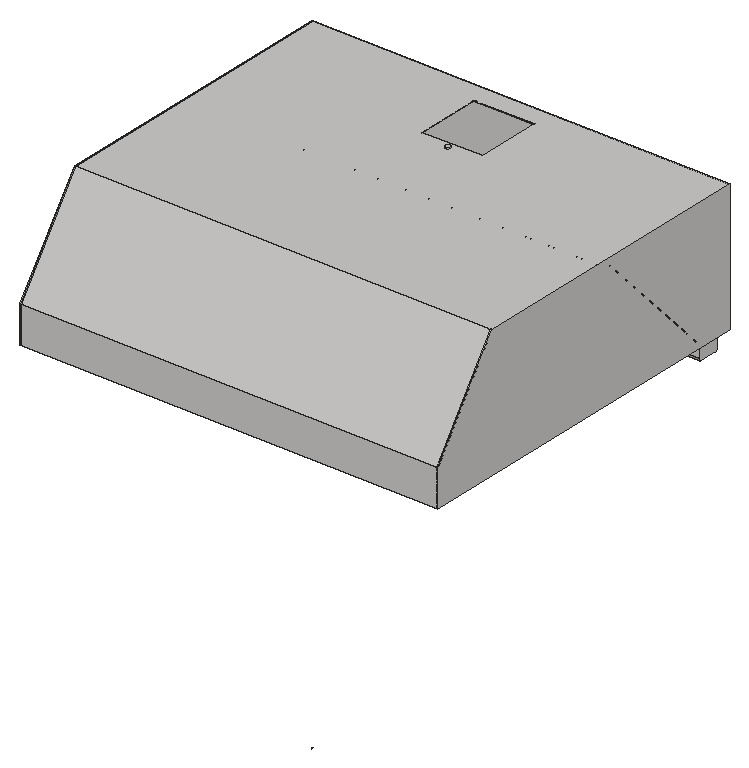
Revit family "QF_ELECTROLUXPROFESSIONAL_644229_ABPV1416BT", category Specialty Equipment, Revit 2014
Reference planes
  plane 1: z = 0
  plane 2 "Center (Left/Right)": x = 150
  plane 3 "LEFT": x = -650
  plane 4 "RIGHT": x = 950
  plane 5 "BACK": y = 550
  plane 6 "TOP": z = 2500
  plane 7 "Base": z = 2000
  plane 8: z = 1926
  plane 9 "DrainY": y = 485
  plane 10: x = -647
  plane 11: through (0, 414.509, 2000.8) normal (0, 0.7314, 0.682)
  plane 12: y = 470
  plane 13: y = 220
  plane 14 "DrainX": x = 830
  plane 15: x = 33.5
  plane 16: x = 266.5
  plane 17: x = 947
  plane 18: x = 740
  plane 19: x = 920
  plane 20: x = -450
  plane 21: x = 750
  plane 22: x = -47.5
  plane 23: x = 347.5
  plane 24: z = 2140
  plane 25: y = -290
  plane 26: y = 200
  plane 27 "Center (Front/Back)": y = -150
  plane 28 "Front": y = -850
Forms (mm)
  Extrusion 1, solid, material "QF_Finishes_Stainless Steel"
    sketch origin (-650, 0, 360) x (0, 1, 0) y (0, 0, 1)
      loop
        line (550, 1640) -> (550, 2140) -> (-590, 2140) -> (-850, 1780) -> (-850, 1640) -> (550, 1640)
    from 0 to 3
  Extrusion 2, solid, material "QF_Finishes_Stainless Steel"
    sketch origin (150, 0, 360) x (0, 1, 0) y (0, 0, 1)
      loop
        line (415.255, 1640) -> (550, 1640) -> (550, 2139.19) -> (549.2, 2139.19) -> (549.2, 1640.8) -> (415.876, 1640.8) -> (339.347, 1722.867) -> (349.609, 1732.436) -> (348.927, 1733.167) -> (337.934, 1722.917) -> (415.255, 1640)
      loop
        line (-82.203, 2139.19) -> (-82.203, 2118.6) -> (-31.047, 2118.6) -> (34.354, 2048.466) -> (46.028, 2059.352) -> (45.346, 2060.083) -> (34.403, 2049.879) -> (-30.612, 2119.6) -> (-81.203, 2119.6) -> (-81.203, 2139.19) -> (-82.203, 2139.19)
    from -797 to 797
  Extrusion 3, solid, material "QF_Finishes_Stainless Steel"
    sketch origin (950, 0, 360) x (0, 1, 0) y (0, 0, 1)
      loop
        line (550, 1640) -> (550, 2140) -> (-590, 2140) -> (-850, 1780) -> (-850, 1640) -> (550, 1640)
    from 0 to -3
  Extrusion 4, solid, material "QF_Finishes_Stainless Steel"
    sketch origin (150, 0, 360) x (0, 1, 0) y (0, 0, 1)
      loop
        line (-590, 2140) -> (-850, 1780) -> (-850, 1640) -> (-849.2, 1640) -> (-849.2, 1779.741) -> (-589.598, 2139.19) -> (550, 2139.19) -> (550, 2140) -> (-590, 2140)
    from -800 to 800
  Extrusion 5, solid, material "QF_Finishes_Stainless Steel"
    sketch origin (150, 0, 360) x (0, 1, 0) y (0, 0, 1)
      loop
        line (534, 1640) -> (436, 1640) -> (436, 1627) -> (443.5, 1627) -> (443.5, 1576)
        arc (443.5, 1576) -> (446.429, 1568.929) -> (453.5, 1566) r 10
        line (453.5, 1566) -> (516.5, 1566)
        arc (516.5, 1566) -> (523.571, 1568.929) -> (526.5, 1576) r 10
        line (526.5, 1576) -> (526.5, 1627) -> (534, 1627) -> (534, 1640)
    from 590 to 770
  Extrusion 6, solid, material "QF_Finishes_Stainless Steel"
    sketch origin (0, 0, 2000) x (0, 1, 0) y (-1, 0, 0)
      loop
        circle (485, -830) r 20
    from -76 to -74
  Extrusion 7, solid, material "QF_Finished_Chrome"
    sketch origin (150, 0, 360) x (0, 1, 0) y (0, 0, 1)
      loop
        line (337.934, 1722.917) -> (341.591, 1726.327) -> (38.011, 2051.876) -> (34.354, 2048.466) -> (337.934, 1722.917)
    from -197.5 to -600
  Extrusion 8, solid, material "QF_Finishes_Stainless Steel"
    sketch origin (150, 0, 360) x (0, 1, 0) y (0, 0, 1)
      loop
        line (337.934, 1722.917) -> (341.591, 1726.327) -> (38.011, 2051.876) -> (34.354, 2048.466) -> (337.934, 1722.917)
    from 797 to 600
  Extrusion 9, solid, material "QF_Finished_Chrome"
    sketch origin (150, 0, 360) x (0, 1, 0) y (0, 0, 1)
      loop
        line (341.588, 1726.324) -> (38.009, 2051.874) -> (34.354, 2048.466) -> (337.934, 1722.917) -> (341.588, 1726.324)
    from 197.5 to 600
  Extrusion 10, void
    sketch origin (0, 0, 2500) x (0, 1, 0) y (-1, 0, 0)
      loop
        line (470, -266.5) -> (470, -33.5) -> (220, -33.5) -> (220, -266.5) -> (470, -266.5)
    from 0 to -10
  Extrusion 11, solid, material "QF_Finishes_Stainless Steel"
    sketch origin (0, 0, 0) x (1, 0, 0) y (0, 1, 0)
      loop
        line (-650, 550) -> (-650, 549) -> (-649, 549) -> (-649, 550) -> (-650, 550)
    from 0 to 1
  Extrusion 12, solid, material "QF_Finishes_Stainless Steel"
    sketch origin (150, 0, 360) x (0, 1, 0) y (0, 0, 1)
      loop
        line (337.934, 1722.917) -> (341.591, 1726.327) -> (38.011, 2051.876) -> (34.354, 2048.466) -> (337.934, 1722.917)
    from -600 to -797
  Extrusion 13, solid, material "QF_Finishes_Stainless Steel"
    sketch origin (150, 0, 360) x (0, 1, 0) y (0, 0, 1)
      loop
        line (337.934, 1722.917) -> (341.591, 1726.327) -> (38.011, 2051.876) -> (34.354, 2048.466) -> (337.934, 1722.917)
    from 197.5 to -197.5
  Extrusion 14, solid, material "QF_Finishes_Stainless Steel"
    sketch origin (0, 0, 2500) x (0, 1, 0) y (-1, 0, 0)
      loop
        circle (200, -150) r 10
    from 0 to 1.6
Cuts and joins
  Extrusion 10 cuts Extrusion 4
  joined: Extrusion 2, Extrusion 4
Lines and regions (mm)
  reference lines
    curve 1: line (150, 34.354, 2408.466) -> (150, 34.354, 2248.466)
  symbolic lines, style "SpecialityEquipment", detail levels coarse
    curve 2: line (950, 550, 2500) -> (-650, 550, 2500)
    curve 3: line (-650, 550, 2500) -> (-650, -850, 2500)
    curve 4: line (950, -850, 2500) -> (950, 550, 2500)
    curve 5: line (-650, -850, 2500) -> (950, -850, 2500)
    curve 6: line (266.5, 220, 2500) -> (33.5, 220, 2500)
    curve 7: line (266.5, 470, 2500) -> (266.5, 220, 2500)
    curve 8: line (33.5, 470, 2500) -> (266.5, 470, 2500)
    curve 9: line (33.5, 220, 2500) -> (33.5, 470, 2500)
    curve 10: line (-647, -589.598, 0) -> (950, 550, 0)
    curve 11: line (-650, 550, 0) -> (950, -589.598, 0)
  symbolic lines, detail levels coarse
    curve 12: line (950, -589.598, 2500) -> (-650, -589.598, 2500)
Dimensions and locks
  plane 3 "LEFT" to plane 4 "RIGHT" = 1600 mm
  equal spacing: plane 3 "LEFT", plane 2 "Center (Left/Right)", plane 4 "RIGHT"
  locked: plane 6 "TOP" to plane 7 "Base" at 500
  plane 7 "Base" to plane 8 = 74 mm
  plane 5 "BACK" to plane 9 "DrainY" = 65 mm  (x2)
  plane 3 "LEFT" to plane 10 = 3 mm
  plane 5 "BACK" to plane 12 = 80 mm
  plane 12 to plane 13 = 250 mm  (x2)
  plane 14 "DrainX" to plane 4 "RIGHT" = 120 mm
  plane 17 to plane 4 "RIGHT" = 3 mm
  locked: plane 18 to plane 14 "DrainX" at 90
  locked: plane 14 "DrainX" to plane 19 at 90
  plane 12 to plane 5 "BACK" = 80 mm
  plane 3 "LEFT" to plane 20 = 200 mm
  plane 21 to plane 4 "RIGHT" = 200 mm
  locked: plane 22 to plane 23 at 395
  equal spacing: plane 22, plane 2 "Center (Left/Right)", plane 23
  locked: plane 15 to plane 16 at 233
  equal spacing: plane 15, plane 2 "Center (Left/Right)", plane 16
  locked: plane 7 "Base" to level at 2000
  plane 24 to plane 7 "Base" = 140 mm
  plane 13 to plane 26 = 20 mm
  locked: plane 5 "BACK" to plane 28 "Front" at 1400
  equal spacing: plane 5 "BACK", plane 27 "Center (Front/Back)", plane 28 "Front"
  plane 5 "BACK" to plane 28 "Front" = 1400 mm
  aligned and locked: level to plane 1
  aligned and locked: Extrusion 2 to Extrusion 1
  aligned and locked: Extrusion 2 to Extrusion 3
  aligned and locked: plane 4 "RIGHT" to Extrusion 4
  aligned and locked: Extrusion 4 to plane 3 "LEFT"
  aligned and locked: plane 17 to Extrusion 8
  aligned and locked: Extrusion 10 to plane 15
  aligned and locked: Extrusion 10 to plane 13
  aligned and locked: Extrusion 10 to plane 12
  aligned and locked: Extrusion 2 to Extrusion 4
  aligned and locked: plane 19 to Extrusion 5
  aligned and locked: Extrusion 5 to plane 18
  aligned and locked: Extrusion 8 to plane 21
  aligned and locked: Extrusion 9 to plane 21
  aligned and locked: Extrusion 7 to plane 20
  aligned and locked: Extrusion 12 to plane 10
  aligned and locked: plane 20 to Extrusion 12
  aligned and locked: Extrusion 3 to plane 17
  aligned and locked: Extrusion 10 to plane 16
  aligned and locked: plane 16 to curve 7
  aligned and locked: plane 23 to Extrusion 13
  aligned and locked: Extrusion 13 to plane 22
  aligned and locked: Extrusion 9 to plane 23
Automatic sketch dimensions
  curve 5 to plane 4 "RIGHT" = 0 mm
  curve 6 to plane 13 = 0 mm
  plane 12 to curve 8 = 0 mm
  curve 3 to plane 3 "LEFT" = 0 mm
  curve 3 to plane 5 "BACK" = 0 mm
  curve 6 to plane 15 = 0 mm
  Extrusion 2 sketch curve to plane 11 = 0 mm  (x3)
  Extrusion 2 sketch curve to plane 7 "Base" = 0 mm
  plane 11 to Extrusion 2 sketch curve = 0 mm
  Extrusion 2 sketch curve to plane 5 "BACK" = 0 mm
  Extrusion 2 sketch curve to Extrusion 2 sketch curve = 65.646 mm
  Extrusion 2 sketch curve to Extrusion 2 sketch curve = 0.682 mm  (x2)
  Extrusion 2 sketch curve to Extrusion 2 sketch curve = 10.261 mm
  plane 7 "Base" to Extrusion 2 sketch curve = 82.917 mm
  Extrusion 2 sketch curve to Extrusion 2 sketch curve = 10.942 mm
  Extrusion 2 sketch curve to Extrusion 2 sketch curve = 0.049 mm
  Extrusion 2 sketch curve to plane 6 "TOP" = 20.4 mm
  Extrusion 2 sketch curve to plane 6 "TOP" = 21.4 mm
  Extrusion 2 sketch curve to plane 6 "TOP" = 0.81 mm  (x2)
  Extrusion 2 sketch curve to Extrusion 2 sketch curve = 50.156 mm
  Extrusion 2 sketch curve to Extrusion 2 sketch curve = 1 mm
  plane 7 "Base" to Extrusion 2 sketch curve = 0.8 mm
  Extrusion 2 sketch curve to plane 5 "BACK" = 0.8 mm
  curve 1 to plane 11 = 0 mm
  Extrusion 5 sketch curve to plane 7 "Base" = 0 mm
  Extrusion 5 sketch curve to plane 8 = 0 mm
  Extrusion 5 sketch curve to plane 7 "Base" = 13 mm  (x2)
  plane 12 to Extrusion 5 sketch curve = 34 mm
  Extrusion 5 sketch curve to Extrusion 5 sketch curve = 7.5 mm  (x2)
  Extrusion 5 sketch curve to Extrusion 5 sketch curve = 10 mm
  plane 9 "DrainY" to Extrusion 5 sketch curve = 31.5 mm
  Extrusion 5 sketch curve to plane 5 "BACK" = 23.5 mm
  Extrusion 6 sketch curve to plane 9 "DrainY" = 0 mm
  Extrusion 6 sketch curve to plane 14 "DrainX" = 0 mm
  Extrusion 7 sketch curve to plane 11 = 0 mm  (x2)
  Extrusion 7 sketch curve to Extrusion 7 sketch curve = 3.657 mm
  plane 7 "Base" to Extrusion 7 sketch curve = 82.917 mm
  Extrusion 8 sketch curve to plane 11 = 0 mm  (x2)
  Extrusion 8 sketch curve to Extrusion 8 sketch curve = 3.657 mm
  plane 7 "Base" to Extrusion 8 sketch curve = 82.917 mm
  Extrusion 9 sketch curve to plane 11 = 0 mm  (x2)
  Extrusion 9 sketch curve to Extrusion 9 sketch curve = 3.655 mm
  plane 7 "Base" to Extrusion 9 sketch curve = 82.917 mm
  Extrusion 10 sketch curve to plane 13 = 0 mm
  plane 12 to Extrusion 10 sketch curve = 0 mm
  Extrusion 10 sketch curve to plane 16 = 0 mm
  Extrusion 10 sketch curve to plane 15 = 0 mm
  Extrusion 11 sketch curve to plane 3 "LEFT" = 0 mm
  Extrusion 11 sketch curve to plane 5 "BACK" = 0 mm
  plane 3 "LEFT" to Extrusion 11 sketch curve = 1 mm
  Extrusion 11 sketch curve to Extrusion 11 sketch curve = 1 mm
  Extrusion 12 sketch curve to plane 11 = 0 mm  (x2)
  Extrusion 12 sketch curve to Extrusion 12 sketch curve = 3.657 mm
  plane 7 "Base" to Extrusion 12 sketch curve = 82.917 mm
  Extrusion 13 sketch curve to plane 11 = 0 mm  (x2)
  Extrusion 13 sketch curve to Extrusion 13 sketch curve = 3.657 mm
  plane 7 "Base" to Extrusion 13 sketch curve = 82.917 mm
  curve 1 to curve 1 = 160 mm
  Extrusion 4 sketch curve to plane 6 "TOP" = 0 mm
  plane 25 to Extrusion 4 sketch curve = 300 mm
  Extrusion 4 sketch curve to plane 5 "BACK" = 0 mm
  Extrusion 4 sketch curve to plane 24 = 0 mm
  Extrusion 4 sketch curve to Extrusion 4 sketch curve = 0.81 mm
  plane 25 to Extrusion 4 sketch curve = 299.598 mm
  Extrusion 4 sketch curve to plane 7 "Base" = 0 mm
  Extrusion 4 sketch curve to plane 24 = 0.259 mm
  Extrusion 1 sketch curve to plane 5 "BACK" = 0 mm
  Extrusion 1 sketch curve to plane 7 "Base" = 0 mm
  Extrusion 1 sketch curve to plane 6 "TOP" = 0 mm
  plane 25 to Extrusion 1 sketch curve = 300 mm
  Extrusion 1 sketch curve to plane 24 = 0 mm
  Extrusion 3 sketch curve to plane 5 "BACK" = 0 mm
  Extrusion 3 sketch curve to plane 7 "Base" = 0 mm
  Extrusion 3 sketch curve to plane 6 "TOP" = 0 mm
  plane 25 to Extrusion 3 sketch curve = 300 mm
  Extrusion 3 sketch curve to plane 24 = 0 mm
  Extrusion 14 sketch curve to plane 2 "Center (Left/Right)" = 0 mm
  plane 26 to Extrusion 14 sketch curve = 0 mm
  Extrusion 2 sketch curve to plane 6 "TOP" = 91.534 mm
  plane 24 to curve 1 = 108.466 mm
  Extrusion 7 sketch curve to plane 6 "TOP" = 88.124 mm
  Extrusion 8 sketch curve to plane 6 "TOP" = 88.124 mm
  Extrusion 9 sketch curve to plane 6 "TOP" = 88.126 mm
  Extrusion 12 sketch curve to plane 6 "TOP" = 88.124 mm
  Extrusion 13 sketch curve to plane 6 "TOP" = 88.124 mm
  plane 25 to curve 5 = 560 mm
  plane 25 to Extrusion 1 sketch curve = 560 mm
  plane 25 to Extrusion 3 sketch curve = 560 mm
  plane 25 to Extrusion 4 sketch curve = 559.2 mm
  Extrusion 4 sketch curve to Extrusion 4 sketch curve = 0.8 mm
  curve 11 to plane 3 "LEFT" = 0 mm
  curve 10 to plane 10 = 0 mm
  curve 10 to plane 4 "RIGHT" = 0 mm
  curve 11 to plane 4 "RIGHT" = 0 mm
  curve 11 to plane 5 "BACK" = 0 mm
  curve 10 to plane 5 "BACK" = 0 mm
  plane 28 "Front" to curve 10 = 260.402 mm
  plane 28 "Front" to curve 11 = 260.402 mm
  curve 4 to curve 12 = 260.402 mm
  radius of Extrusion 6 sketch curve = 20 mm
  radius of Extrusion 14 sketch curve = 10 mm
Connectors
  piping at (830, 485, 1924), diameter 20
    settings: on Extrusion 6, index 1, connector inside diameter 609.6 mm, connector length 0 mm, flow factor 0, pipe flow 0.0 L/s, pressure drop 0.0 Pa, fitting loss kfactor 0, connector angle 0.00°, fixture units 0, engagement length 0 mm, angle of deflection 0.00°, flow configuration 1, flow direction 2, fitting loss method 0, system type 16, joint type 0, gender type 0, connector reference index -1, connector utility 0, adjustable connector no, is connector primary yes, connector description "Drain"
  hvac at (150, 345, 2500)
    settings: on Extrusion 10, index 2, duct flow 0.0 L/s, flow factor 0, pres drop 0.0 Pa, loss coef 0, conn angle 0.00°, conn width 250 mm, conn height 233 mm, conn diameter 609.6 mm, duct sys type 3, conn prof type 1, flow config 1, flow direction 2, loss method 0, conn ref index -1, conn util no, is conn primary yes, conn desc "EXHAUST OUTLET"
  electrical at (150, 200, 2501.6)
    settings: on Extrusion 14, index 3, voltage 0 V, apparent load 0 VA, apparent load phase1 0 VA, apparent load phase2 0 VA, apparent load phase3 0 VA, power factor 1, load classification "Other", number of poles 1, system type 30, power factor state 1, is connector primary yes, connector utility no, sub classification motor no, connector description "Electrical Connection"
